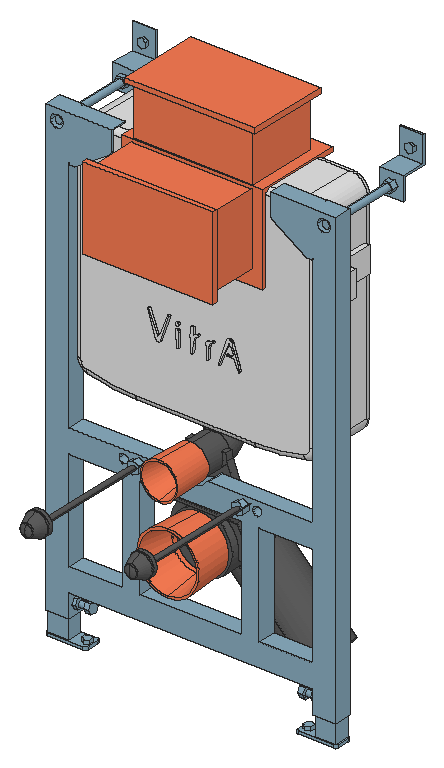
Revit family "ConcealedCistern-ForWallHungWCPans-82cm-GypsumplateWalls-FloorMounting-Unity-VitrA-761-5805", category Plumbing Fixtures, host Face, Revit 2017 (continued)
Automatic sketch dimensions
  Extrusion 51 sketch curve to Extrusion 51 sketch curve = 0.106 mm  (x2)
  Extrusion 51 sketch curve to Extrusion 51 sketch curve = 4.275 mm
  Extrusion 51 sketch curve to Extrusion 51 sketch curve = 1.442 mm  (x2)
  plane 8 to Extrusion 4 sketch curve = 0 mm
  Extrusion 4 sketch curve to plane 3 "Center (Left/Right)" = 0 mm
  plane 7 to Extrusion 4 sketch curve = 0 mm
  plane 8 to Extrusion 4 sketch curve = 20.095 mm
  plane 8 to Extrusion 4 sketch curve = 40 mm  (x3)
  Extrusion 4 sketch curve to Extrusion 4 sketch curve = 92.5 mm
  Extrusion 4 sketch curve to Extrusion 4 sketch curve = 2.625 mm
  Extrusion 4 sketch curve to Extrusion 4 sketch curve = 30 mm  (x2)
  plane 3 "Center (Left/Right)" to Extrusion 4 sketch curve = 30 mm
  Extrusion 4 sketch curve to plane 3 "Center (Left/Right)" = 30 mm
  Extrusion 4 sketch curve to Extrusion 4 sketch curve = 57.5 mm
  Extrusion 4 sketch curve to Extrusion 4 sketch curve = 27.572 mm
  Extrusion 4 sketch curve to plane 7 = 40 mm  (x3)
  Extrusion 4 sketch curve to plane 7 = 19.844 mm
  Extrusion 4 sketch curve to Extrusion 4 sketch curve = 0 mm  (x3)
  Extrusion 4 sketch curve to Extrusion 4 sketch curve = 19.852 mm  (x2)
  Extrusion 4 sketch curve to Extrusion 4 sketch curve = 19.885 mm
  Extrusion 4 sketch curve to plane 4 = 134.309 mm
  Extrusion 4 sketch curve to plane 4 = 114.166 mm  (x2)
  Extrusion 4 sketch curve to Extrusion 4 sketch curve = 5 mm  (x2)
  Extrusion 4 sketch curve to Extrusion 4 sketch curve = 9.698 mm
  Extrusion 4 sketch curve to Extrusion 4 sketch curve = 10.023 mm
  Extrusion 4 sketch curve to Extrusion 4 sketch curve = 25.302 mm
  Extrusion 4 sketch curve to Extrusion 4 sketch curve = 24.977 mm  (x2)
  plane 4 to Extrusion 4 sketch curve = 100.834 mm  (x2)
  Extrusion 4 sketch curve to Extrusion 4 sketch curve = 40 mm
  level to Extrusion 4 sketch curve = 39.166 mm  (x2)
  level to Extrusion 7 sketch curve = 5 mm
  plane 8 to Extrusion 7 sketch curve = 37.5 mm
  plane 8 to Extrusion 7 sketch curve = 2.5 mm
  Extrusion 7 sketch curve to Extrusion 7 sketch curve = 34.166 mm
  level to Extrusion 8 sketch curve = 67.666 mm
  Extrusion 8 sketch curve to Extrusion 8 sketch curve = 8.5 mm  (x3)
  plane 5 to Extrusion 8 sketch curve = 24.917 mm
  Extrusion 8 sketch curve to Extrusion 8 sketch curve = 4.907 mm  (x3)
  Extrusion 8 sketch curve to Extrusion 8 sketch curve = 9.815 mm  (x2)
  level to Extrusion 10 sketch curve = 59.188 mm
  plane 5 to Extrusion 10 sketch curve = 15.097 mm
  level to Extrusion 13 sketch curve = 5 mm
  Extrusion 13 sketch curve to plane 7 = 37.5 mm
  Extrusion 13 sketch curve to Extrusion 13 sketch curve = 34.166 mm
  plane 8 to Extrusion 17 sketch curve = 40 mm
  Extrusion 17 sketch curve to Extrusion 17 sketch curve = 2 mm  (x2)
  Extrusion 17 sketch curve to Extrusion 17 sketch curve = 7.408 mm  (x2)
  Extrusion 17 sketch curve to Extrusion 17 sketch curve = 56.842 mm
  Extrusion 17 sketch curve to Extrusion 17 sketch curve = 3.808 mm
  Extrusion 17 sketch curve to Extrusion 17 sketch curve = 7 mm  (x2)
  Extrusion 17 sketch curve to plane 7 = 113.25 mm
  Extrusion 17 sketch curve to Extrusion 17 sketch curve = 3.192 mm
  Extrusion 17 sketch curve to plane 7 = 50.496 mm
  Extrusion 17 sketch curve to plane 7 = 40 mm
  Extrusion 17 sketch curve to Extrusion 17 sketch curve = 0 mm  (x3)
  Extrusion 17 sketch curve to Extrusion 17 sketch curve = 35.054 mm  (x2)
  Extrusion 17 sketch curve to Extrusion 17 sketch curve = 36.931 mm
  Extrusion 17 sketch curve to Extrusion 17 sketch curve = 77.858 mm
  Extrusion 18 sketch curve to plane 7 = 40 mm
  plane 8 to Extrusion 18 sketch curve = 113.25 mm
  plane 5 to Extrusion 18 sketch curve = 0.103 mm
  Extrusion 18 sketch curve to Extrusion 18 sketch curve = 0 mm
  Extrusion 18 sketch curve to Extrusion 18 sketch curve = 28 mm  (x2)
  Extrusion 19 sketch curve to Extrusion 19 sketch curve = 37 mm
  Extrusion 19 sketch curve to Extrusion 19 sketch curve = 3 mm  (x3)
  Extrusion 19 sketch curve to Extrusion 19 sketch curve = 45 mm
  plane 5 to Extrusion 19 sketch curve = 190.103 mm
  Extrusion 19 sketch curve to Extrusion 19 sketch curve = 39 mm
  plane 8 to Extrusion 20 sketch curve = 13.1 mm
  Extrusion 20 sketch curve to Extrusion 20 sketch curve = 6.9 mm  (x3)
  Extrusion 20 sketch curve to Extrusion 20 sketch curve = 3.984 mm  (x3)
  Extrusion 20 sketch curve to Extrusion 20 sketch curve = 7.967 mm  (x2)
  plane 8 to Extrusion 21 sketch curve = 15.093 mm
  plane 8 to Extrusion 21 sketch curve = 10.185 mm
  Extrusion 21 sketch curve to Extrusion 21 sketch curve = 8.5 mm  (x3)
  plane 8 to Extrusion 21 sketch curve = 29.815 mm
  Extrusion 21 sketch curve to Extrusion 21 sketch curve = 4.907 mm  (x3)
  Extrusion 25 sketch curve to plane 7 = 13.1 mm
  Extrusion 26 sketch curve to plane 7 = 15.093 mm
  Extrusion 26 sketch curve to Extrusion 26 sketch curve = 8.5 mm  (x3)
  plane 3 "Center (Left/Right)" to Extrusion 32 sketch curve = 80.5 mm
  Extrusion 32 sketch curve to Extrusion 32 sketch curve = 9.526 mm  (x2)
  Extrusion 32 sketch curve to Extrusion 32 sketch curve = 9.5 mm
  Extrusion 32 sketch curve to plane 4 = 88.181 mm
  Extrusion 32 sketch curve to Extrusion 32 sketch curve = 5.485 mm  (x2)
  Extrusion 32 sketch curve to Extrusion 32 sketch curve = 5.5 mm
  Extrusion 32 sketch curve to Extrusion 32 sketch curve = 10.97 mm
  Extrusion 32 sketch curve to Extrusion 32 sketch curve = 11 mm
  Extrusion 33 sketch curve to plane 3 "Center (Left/Right)" = 99.5 mm
  Extrusion 33 sketch curve to plane 4 = 88.181 mm
  Extrusion 41 sketch curve to plane 4 = 83.291 mm
  Extrusion 41 sketch curve to Extrusion 41 sketch curve = 0.023 mm
  Extrusion 41 sketch curve to Extrusion 41 sketch curve = 10.011 mm
  Extrusion 41 sketch curve to Extrusion 41 sketch curve = 1.114 mm
  Extrusion 41 sketch curve to Extrusion 41 sketch curve = 9.5 mm
  Extrusion 41 sketch curve to Extrusion 41 sketch curve = 10.614 mm
  Extrusion 41 sketch curve to Extrusion 41 sketch curve = 20.492 mm
  Extrusion 41 sketch curve to Extrusion 41 sketch curve = 0.05 mm
  Extrusion 41 sketch curve to Extrusion 41 sketch curve = 4.915 mm
  Extrusion 41 sketch curve to Extrusion 41 sketch curve = 19.59 mm
  Extrusion 41 sketch curve to Extrusion 41 sketch curve = 4.893 mm
  Extrusion 41 sketch curve to Extrusion 41 sketch curve = 14.873 mm
  Extrusion 41 sketch curve to Extrusion 41 sketch curve = 16.108 mm
  Extrusion 42 sketch curve to Extrusion 42 sketch curve = 7.265 mm
  plane 5 to Extrusion 42 sketch curve = 155.114 mm
  Extrusion 42 sketch curve to Extrusion 42 sketch curve = 146.511 mm
  Extrusion 42 sketch curve to Extrusion 42 sketch curve = 6 mm
  plane 5 to Extrusion 43 sketch curve = 128.933 mm
  Extrusion 43 sketch curve to Extrusion 43 sketch curve = 3.582 mm
  Extrusion 43 sketch curve to Extrusion 43 sketch curve = 86.575 mm
  Extrusion 43 sketch curve to Extrusion 43 sketch curve = 4.626 mm
  plane 5 to Extrusion 44 sketch curve = 138.759 mm
  Extrusion 44 sketch curve to Extrusion 44 sketch curve = 81.056 mm
  Extrusion 44 sketch curve to Extrusion 44 sketch curve = 81.375 mm
  plane 5 to Extrusion 46 sketch curve = 30.581 mm
  Extrusion 46 sketch curve to Extrusion 46 sketch curve = 0.324 mm
  Extrusion 46 sketch curve to Extrusion 46 sketch curve = 18.914 mm
  Extrusion 46 sketch curve to Extrusion 46 sketch curve = 19.471 mm
  Extrusion 46 sketch curve to Extrusion 46 sketch curve = 62.78 mm
  Extrusion 46 sketch curve to Extrusion 46 sketch curve = 0.09 mm
  Extrusion 46 sketch curve to Extrusion 46 sketch curve = 26.751 mm
  Extrusion 46 sketch curve to Extrusion 46 sketch curve = 10.355 mm
  Extrusion 48 sketch curve to plane 4 = 186.166 mm
  Extrusion 48 sketch curve to plane 7 = 42.5 mm
  Extrusion 48 sketch curve to Extrusion 48 sketch curve = 35 mm  (x2)
  plane 3 "Center (Left/Right)" to Extrusion 48 sketch curve = 102.5 mm
  Extrusion 48 sketch curve to Extrusion 48 sketch curve = 0 mm
  plane 8 to Extrusion 48 sketch curve = 42.5 mm
  Extrusion 48 sketch curve to Extrusion 48 sketch curve = 28 mm
  Extrusion 48 sketch curve to Extrusion 48 sketch curve = 30 mm
  Extrusion 48 sketch curve to Extrusion 48 sketch curve = 25 mm  (x2)
  Extrusion 51 sketch curve to plane 3 "Center (Left/Right)" = 0 mm
  Extrusion 51 sketch curve to plane 4 = 296.1 mm
  Extrusion 51 sketch curve to Extrusion 51 sketch curve = 0.13 mm
  Extrusion 51 sketch curve to Extrusion 51 sketch curve = 0.572 mm
  Extrusion 3 sketch curve to Extrusion 3 sketch curve = 142.824 mm
  Extrusion 42 sketch curve to plane 4 = 442.166 mm
  Extrusion 42 sketch curve to Extrusion 42 sketch curve = 145.735 mm
  Extrusion 48 sketch curve to Extrusion 48 sketch curve = 315 mm
  Sweep 50 sketch curve to Sweep 50 sketch curve = 315 mm
  Extrusion 3 sketch curve to plane 4 = 457.335 mm
  Extrusion 4 sketch curve to Extrusion 4 sketch curve = 465.615 mm
  Extrusion 17 sketch curve to plane 4 = 599.666 mm
  Extrusion 19 sketch curve to plane 4 = 559.666 mm
  Extrusion 20 sketch curve to plane 4 = 615.683 mm
  Extrusion 21 sketch curve to plane 4 = 588.166 mm
  Extrusion 22 sketch curve to plane 4 = 588.166 mm
  Extrusion 24 sketch curve to plane 4 = 559.666 mm
  Extrusion 25 sketch curve to plane 4 = 615.683 mm
  Extrusion 26 sketch curve to plane 4 = 588.166 mm
  Extrusion 27 sketch curve to plane 4 = 588.166 mm
  Extrusion 43 sketch curve to plane 4 = 681.741 mm
  Extrusion 44 sketch curve to plane 4 = 690.441 mm
  Extrusion 52 sketch curve to level = 0 mm
  plane 8 to Extrusion 52 sketch curve = 0 mm
  plane 7 to Extrusion 52 sketch curve = 0.5 mm
  profile plane to Sweep 40 sketch curve = 0 mm
  profile plane to Sweep 40 sketch curve = 0.045 mm
  Sweep 40 sketch curve to curve 1 = 0 mm
  curve 1 to Sweep 40 sketch curve = 25.5 mm
  curve 1 to Sweep 40 sketch curve = 44.884 mm
  Sweep 40 sketch curve to Sweep 40 sketch curve = 48 mm
  Sweep 40 sketch curve to curve 1 = 10 mm
  Extrusion 52 sketch curve to plane 4 = 690 mm
  radius of Extrusion 2 sketch curve = 65 mm
  radius of Extrusion 2 sketch curve = 26.044 mm
  radius of Extrusion 4 sketch curve = 7.957 mm
  radius of Extrusion 4 sketch curve = 8 mm
  radius of Extrusion 4 sketch curve = 11 mm  (x2)
  radius of Extrusion 10 sketch curve = 5.5 mm
  radius of Extrusion 16 sketch curve = 5.5 mm
  radius of Extrusion 23 sketch curve = 5.956 mm
  radius of Extrusion 28 sketch curve = 5.956 mm
  radius of Extrusion 29 sketch curve = 4.2 mm  (x2)
  radius of Sweep 38 sketch curve = 28 mm
  radius of Extrusion 45 sketch curve = 39 mm
  radius of Sweep 49 sketch curve to Extrusion 48 = 0 mm  (x3)
  radius of Extrusion 51 sketch curve = 2.699 mm
  radius of Sweep 40 sketch curve = 46 mm
  radius of Extrusion 53 sketch curve = 10 mm
Connectors
  piping at (155.563, 22.545, 64.437), diameter 100, driven by "Waste Connection"
    settings: on Sweep 40, index 5, connector inside diameter 609.6 mm, connector length 0 mm, flow factor 0, pipe flow 0.0 L/s, pressure drop 0.0 Pa, fitting loss kfactor 0, connector angle 0.00°, fixture units 0, engagement length 0 mm, angle of deflection 0.00°, flow configuration 0, flow direction 2, fitting loss method 0, system type 16, joint type 0, gender type 0, connector reference index -1, connector utility 1, adjustable connector no, is connector primary yes, connector description ""
  piping at (-221.208, 9.556, 743.907), diameter 15, driven by "CW Connection"
    settings: on Extrusion 53, index 6, connector inside diameter 609.6 mm, connector length 0 mm, flow factor 0, pipe flow 0.0 L/s, pressure drop 0.0 Pa, fitting loss kfactor 0, connector angle 0.00°, fixture units 0, engagement length 0 mm, angle of deflection 0.00°, flow configuration 0, flow direction 1, fitting loss method 0, system type 20, joint type 0, gender type 0, connector reference index -1, connector utility 1, adjustable connector no, is connector primary no, connector description ""
